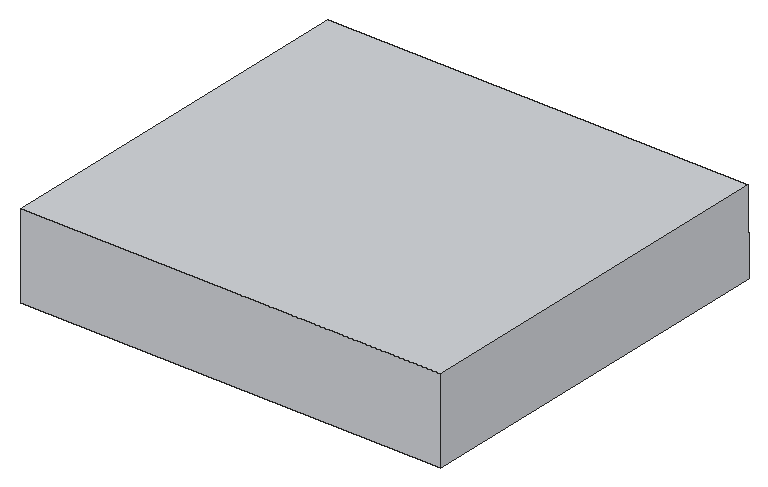
Revit family "68ed335340c74b358c9458a2ef6f2705", category Electrical Fixtures, host Face, Revit 2021
Family settings
  Host = Face
  Maintain Annotation Orientation = Yes
  Round Connector Dimension = Use Diameter
  Part Type = Normal
  OmniClass Number = 23.85.80.11.24
  OmniClass Title = Environmental Controls
  Seek Item ID = Thermostat-0000-USA-ENU
  Cut with Voids When Loaded = No
  Shared = No
  Room Calculation Point = No
Parameters (values of type "Standard")
  Width = 0' - 4"
  Length = 0' - 4 3/8"
  Label = "T"
  Height = 0' - 0 7/8"
  Thermostat Material = none
  Default Elevation = 4' - 0"
Reference planes (in)
  plane 1 "Center (Front/Back)": y = 0
  plane 2: z = 0
  plane 3 "Center (Left/Right)": x = 0
  plane 4: y = -4
  plane 5: x = -2.1875
  plane 6: x = 2.1875
  plane 7: z = 0.875
Forms (in)
  Extrusion 1, solid, material <- "Thermostat Material"
    sketch origin (0, 0, 0) x (1, 0, 0) y (0, 0, 1)
      loop
        line (-2.1875, 0.875) -> (-2.1875, 0) -> (2.1875, 0) -> (2.1875, 0.875) -> (-2.1875, 0.875)
    from 0 to 4
Lines and regions (in)
  symbolic lines, detail levels fine
    curve 1: line (2.1875, 0, 0.875) -> (-2.1875, 0, 0.875)
    curve 2: line (2.1875, 0, 0) -> (2.1875, 0, 0.875)
    curve 3: line (-2.1875, 0, 0.875) -> (-2.1875, 0, 0)
    curve 4: line (-2.1875, 0, 0) -> (2.1875, 0, 0)
Dimensions and locks (in)
  equal spacing: plane 5, plane 3 "Center (Left/Right)", plane 6
  "Length": plane 5 to plane 6
  "Width": plane 4 to plane 1 "Center (Front/Back)"
  "Height": plane 7 to plane 2
  aligned and locked: plane 2 to host face
  aligned and locked: level to host face
  aligned and locked: plane 1 "Center (Front/Back)" to nested 1
  aligned and locked: plane 3 "Center (Left/Right)" to nested 1
  aligned and locked: plane 5 to Extrusion 1 sketch curve
  aligned and locked: Extrusion 1 sketch curve to plane 7
  aligned and locked: level to Extrusion 1 sketch curve
  aligned and locked: Extrusion 1 sketch curve to plane 6
  aligned and locked: Extrusion 1 to plane 1 "Center (Front/Back)"
  aligned and locked: Extrusion 1 to plane 4
  aligned and locked: curve 1 to Extrusion 1
  aligned and locked: curve 2 to Extrusion 1
  aligned and locked: curve 3 to Extrusion 1
  aligned and locked: curve 4 to Extrusion 1
Automatic sketch dimensions
  host sketch curve to host sketch curve = 8' - 0"  (x2)
  Extrusion 1 sketch curve to plane 6 = 0' - 0"
Nested families (in)
  nested 1: "Thermostat Annotation" at (0, 0, 0), type "Thermostat Annotation", detail levels coarse+medium
Connectors (in)
  electrical at (0, 0, 0.4375)
    settings: on Extrusion 1, index 1, voltage 0 V, apparent load 0 VA, apparent load phase1 0 VA, apparent load phase2 0 VA, apparent load phase3 0 VA, power factor 1, load classification "Other", number of poles 1, system type 13, power factor state 1, is connector primary yes, connector utility no, sub classification motor no, connector description ""
Definition of nested family "Thermostat Annotation"
  Parameters
    Label Annotation = "T"
  Reference planes (in)
    plane 1: y = 0
    plane 2: x = 0
  Lines and regions (in)
    reference lines
      curve 1: line (0.09375, 0.45885, 0) -> (0.09375, -0.21206, 0)
      curve 3: line (-0.33274, 0.09375, 0) -> (0.91726, 0.09375, 0)
    detail lines
      curve 2: circle (0, 0.09375, 0) r 0.09375 normal (0, 0, 1)
  Text (in)
    label "T" at (-0.037, 0.08666, 0), shows "Label Annotation"
  Dimensions and locks (in)
    locked: plane 2 to curve 1 at 0.09375
    plane 1 to curve 3 = 0' - 0 3/32"
    radius of curve 2 = 0' - 0 3/32"
    aligned: plane 1 to curve 2
    aligned and locked: plane 2 to curve 2
    aligned and locked: curve 3 to curve 2
